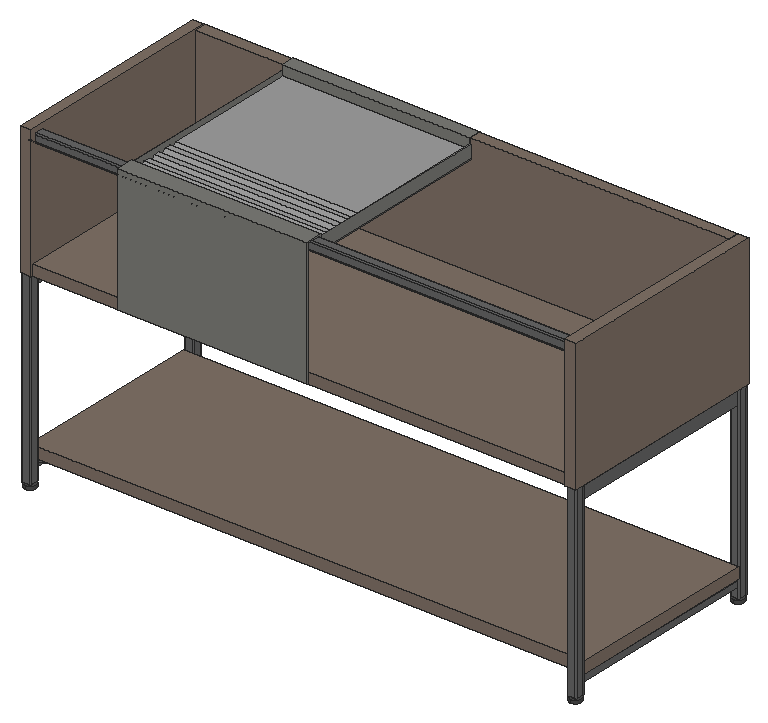
Revit family "Storage-Teknion-LWBCT_Byward_Low_Cabinet_Top_Access-R2019", category Furniture, Revit 2019
Family settings
  OmniClass Number = 23.40.20.00
  OmniClass Title = General Furniture and Specialties
  Work Plane-Based = No
  Always vertical = Yes
  Cut with Voids When Loaded = No
  Shared = Yes
  Room Calculation Point = No
Parameters (values of type "21" Height, 14" Depth, 36" Width")
  Width = 36.000"
  Warranty = "http://www.teknion.com/ca/papers/legal-canada"
  Unit Weight URL = "http://www.teknion.com/ca/tools/assets#&asset=bee6a381-b954-425e-8283-5a2de3a804f2,f828d448-4b62-4231-9e5f-9a8991c0ed77"
  URL = "www.teknion.com"
  To render please download texture images found here [instance] = "https://assets.teknion.com/web/5e81352c1dfdb467/revit-material-swatches/"
  Sustainability Data = "https://www.teknion.com/ca/tools/assets#&topic=216f99a5-57a0-44fc-b10a-9dee9b29ae4c&asset=444deb64-fe58-4b68-981e-f75e97781df7,b4ff2d81-9f2e-437d-9659-7cffb09c31cf"
  Series = "Byward"  # constant formula
  Product Page URL = "https://www.teknion.com/ca/products/product-details?productLineId=87d0476f-8e7a-673b-a6c8-ff05004460c4"
  Product Line = "Byward"  # constant formula
  Product Documentation Link = "https://assets.teknion.com/m/d3f7903c0f9c31f/original/Byward-Reference-Guide.pdf"
  Part Number = "LWBCT"  # constant formula
  Model = "LWBCT211436"
  Manufacturer Phone = "416-661-3370"  # constant formula
  Manufacturer Fax = "416.661.4586"  # constant formula
  Manufacturer Contact Information = "http://www.teknion.com/ca/contactus"
  Manufacturer Address = "1150 Flint Road, Toronto, ON. M3J 2J5. Canada"  # constant formula
  Manufacturer = "Teknion"  # constant formula
  How To Use Teknion Materials User Guide [instance] = "https://assets.teknion.com/m/205dd0a49fa58060/original/How-to-add-a-Material-Library-and-Texture-Images-to-your-Revit-project.pdf"
  For Additional Finishes please visit [instance] = "https://assets.teknion.com/m/44a8009b046e5d47/original/Teknion_Materials_Library.zip"
  Description = "Byward Low Cabinet, Top Access, 21\" Height, 14\" Depth, 36\" Width"
  Case Finish [instance] = Veneer-Teknion-5U-Flintwood-Raw_Umber (Long Grain)
  Assembly Code = "E2020200"
  Accent Tray Paint Finish [instance] = Paint - Teknion - Mica - Anthracite
  Accent Tray Offset Restrictions [instance] = if(Width = 36.000", "0.7\" to 23\"", "0.7\" to 29\"")  # "0.7\" to 23\""
  Accent Tray Offset [instance] = 6.41019"
Types (3): name | Width | Model | Description | Accent Tray Offset Restrictions
  (no name) | 36.000" | "LWBCT211436" | "Byward Low Cabinet, Top Access, 21\" Height, 14\" Depth, 36\" Width" | "0.7\" to 23\""
  21" Height, 14" Depth, 36" Width | 36.000" | "LWBCT211436" | "Byward Low Cabinet, Top Access, 21\" Height, 14\" Depth, 36\" Width" | "0.7\" to 23\""
  21" Height, 14" Depth, 42" Width | 42.000" | "LWBCT211442" | "Byward Low Cabinet, Top Access, 21\" Height, 14\" Depth, 42\" Width" | "0.7\" to 29\""
Reference planes (in)
  plane 1 "Center Front/Back": y = 0
  plane 2: z = 0
  plane 3 "Center Left/Right": x = 0
  plane 4 "Left": x = -18
  plane 5 "Right": x = 18
  plane 6 "Back": y = 7
  plane 7 "Front": y = -7
  plane 8 "Top": z = 63
  plane 9: x = -11.58981
Forms (in)
  Sweep 1, solid, material "Paint-Teknion-23-Z-Foundation-Foundry Onyx"
    path origin (0, 0, 0) x (1, 0, 0) y (0, 0, 1)
      loop
        line (0, 0.325) -> (0, 12.5)
    profile origin (0, 0, 6.4125) x (-1, 0, 0) y (0, -1, 0)
      loop
        line (17.46108, -6.922) -> (17.90608, -6.922)
        arc (17.90608, -6.922) -> (17.96972, -6.89564) -> (17.99608, -6.832) r 0.09
        line (17.99608, -6.832) -> (17.99608, -6.387)
        arc (17.99608, -6.387) -> (17.96972, -6.32336) -> (17.90608, -6.297) r 0.09
        line (17.90608, -6.297) -> (17.46108, -6.297)
        arc (17.46108, -6.297) -> (17.39744, -6.32336) -> (17.37108, -6.387) r 0.09
        line (17.37108, -6.387) -> (17.37108, -6.832)
        arc (17.37108, -6.832) -> (17.39744, -6.89564) -> (17.46108, -6.922) r 0.09
      loop
        arc (-17.46108, -6.922) -> (-17.39744, -6.89564) -> (-17.37108, -6.832) r 0.09
        line (-17.37108, -6.832) -> (-17.37108, -6.387)
        arc (-17.37108, -6.387) -> (-17.39744, -6.32336) -> (-17.46108, -6.297) r 0.09
        line (-17.46108, -6.297) -> (-17.90608, -6.297)
        arc (-17.90608, -6.297) -> (-17.96972, -6.32336) -> (-17.99608, -6.387) r 0.09
        line (-17.99608, -6.387) -> (-17.99608, -6.832)
        arc (-17.99608, -6.832) -> (-17.96972, -6.89564) -> (-17.90608, -6.922) r 0.09
        line (-17.90608, -6.922) -> (-17.46108, -6.922)
      loop
        arc (17.46108, 6.922) -> (17.39744, 6.89564) -> (17.37108, 6.832) r 0.09
        line (17.37108, 6.832) -> (17.37108, 6.387)
        arc (17.37108, 6.387) -> (17.39744, 6.32336) -> (17.46108, 6.297) r 0.09
        line (17.46108, 6.297) -> (17.90608, 6.297)
        arc (17.90608, 6.297) -> (17.96972, 6.32336) -> (17.99608, 6.387) r 0.09
        line (17.99608, 6.387) -> (17.99608, 6.832)
        arc (17.99608, 6.832) -> (17.96972, 6.89564) -> (17.90608, 6.922) r 0.09
        line (17.90608, 6.922) -> (17.46108, 6.922)
      loop
        line (-17.46108, 6.922) -> (-17.90608, 6.922)
        arc (-17.90608, 6.922) -> (-17.96972, 6.89564) -> (-17.99608, 6.832) r 0.09
        line (-17.99608, 6.832) -> (-17.99608, 6.387)
        arc (-17.99608, 6.387) -> (-17.96972, 6.32336) -> (-17.90608, 6.297) r 0.09
        line (-17.90608, 6.297) -> (-17.46108, 6.297)
        arc (-17.46108, 6.297) -> (-17.39744, 6.32336) -> (-17.37108, 6.387) r 0.09
        line (-17.37108, 6.387) -> (-17.37108, 6.832)
        arc (-17.37108, 6.832) -> (-17.39744, 6.89564) -> (-17.46108, 6.922) r 0.09
  Sweep 2, solid, material "Paint-Teknion-23-Z-Foundation-Foundry Onyx"
    path origin (0, 0, 0) x (1, 0, 0) y (0, 1, 0)
      loop
        line (0, 6.297) -> (0, -6.297)
    profile origin (0, 0, 0) x (1, 0, 0) y (0, 0, 1)
      loop
        line (-17.80808, 1.266) -> (-17.80808, 0.875) -> (-17.67408, 0.875) -> (-17.67408, 1.266)
        arc (-17.67408, 1.266) -> (-17.64479, 1.33671) -> (-17.57408, 1.366) r 0.1
        line (-17.57408, 1.366) -> (-15.30808, 1.366) -> (-15.30808, 1.5) -> (-17.57408, 1.5)
        arc (-17.57408, 1.5) -> (-17.73954, 1.43146) -> (-17.80808, 1.266) r 0.234
      loop
        arc (17.80808, 1.266) -> (17.73954, 1.43146) -> (17.57408, 1.5) r 0.234
        line (17.57408, 1.5) -> (15.30808, 1.5) -> (15.30808, 1.366) -> (17.57408, 1.366)
        arc (17.57408, 1.366) -> (17.64479, 1.33671) -> (17.67408, 1.266) r 0.1
        line (17.67408, 1.266) -> (17.67408, 0.875) -> (17.80808, 0.875) -> (17.80808, 1.266)
      loop
        line (-17.80808, 12.266) -> (-17.80808, 11.5) -> (-17.67408, 11.5) -> (-17.67408, 12.266)
        arc (-17.67408, 12.266) -> (-17.64479, 12.33671) -> (-17.57408, 12.366) r 0.1
        line (-17.57408, 12.366) -> (-15.30808, 12.366) -> (-15.30808, 12.5) -> (-17.57408, 12.5)
        arc (-17.57408, 12.5) -> (-17.73954, 12.43146) -> (-17.80808, 12.266) r 0.234
      loop
        arc (17.80808, 12.266) -> (17.73954, 12.43146) -> (17.57408, 12.5) r 0.234
        line (17.57408, 12.5) -> (15.30808, 12.5) -> (15.30808, 12.366) -> (17.57408, 12.366)
        arc (17.57408, 12.366) -> (17.64479, 12.33671) -> (17.67408, 12.266) r 0.1
        line (17.67408, 12.266) -> (17.67408, 11.5) -> (17.80808, 11.5) -> (17.80808, 12.266)
  Sweep 3, solid, material "Paint-Teknion-23-Z-Foundation-Foundry Onyx"
    path origin (0, 0, 0) x (1, 0, 0) y (0, 1, 0)
      loop
        line (0, -4.75) -> (0, -4.616)
    profile origin (0, -4.683, 0) x (-1, 0, 0) y (0, 0, 1)
      loop
        line (17.48608, 11.616) -> (17.67408, 11.616) -> (17.67408, 12.178) -> (17.48608, 12.366) -> (15.67408, 12.366) -> (15.67408, 12.178) -> (17.48608, 11.616)
      loop
        line (-17.48608, 11.616) -> (-15.67408, 12.178) -> (-15.67408, 12.366) -> (-17.48608, 12.366) -> (-17.67408, 12.178) -> (-17.67408, 11.616) -> (-17.48608, 11.616)
  Sweep 4, solid, material "Paint-Teknion-23-Z-Foundation-Foundry Onyx"
    path origin (0, 0, 0) x (1, 0, 0) y (0, 1, 0)
      loop
        line (0, 4.594) -> (0, 4.728)
    profile origin (0, 4.661, 0) x (-1, 0, 0) y (0, 0, 1)
      loop
        line (17.48608, 11.616) -> (17.67408, 11.616) -> (17.67408, 12.178) -> (17.48608, 12.366) -> (15.67408, 12.366) -> (15.67408, 12.178) -> (17.48608, 11.616)
      loop
        line (-17.48608, 11.616) -> (-15.67408, 12.178) -> (-15.67408, 12.366) -> (-17.48608, 12.366) -> (-17.67408, 12.178) -> (-17.67408, 11.616) -> (-17.48608, 11.616)
  Sweep 5, solid, material "Veneer-Teknion-5U-Flintwood-Raw_Umber (Long Grain)" <- "Case Finish"
    path origin (0, 0, 0) x (1, 0, 0) y (0, 1, 0)
      loop
        line (-18, 0) -> (18, 0)
    profile origin (0, 0, 0) x (0, 1, 0) y (0, 0, 1)
      loop
        line (6.23228, 1.5) -> (6.23228, 2.20079) -> (-6.23228, 2.20079) -> (-6.23228, 1.5) -> (6.23228, 1.5)
  Sweep 6, solid, material "Veneer-Teknion-5U-Flintwood-Raw_Umber (Long Grain)" <- "Case Finish"
    path origin (0, 0, 0) x (1, 0, 0) y (0, 1, 0)
      loop
        line (0, 7) -> (0, -7)
    profile origin (0, 0, 0) x (1, 0, 0) y (0, 0, 1)
      loop
        line (-18, 21) -> (-18, 12.5) -> (-17.29921, 12.5) -> (-17.29921, 21) -> (-18, 21)
      loop
        line (18, 21) -> (17.29921, 21) -> (17.29921, 12.5) -> (18, 12.5) -> (18, 21)
  Sweep 7, solid, material "Veneer-Teknion-5U-Flintwood-Raw_Umber (Long Grain)" <- "Case Finish"
    path origin (0, 0, 0) x (1, 0, 0) y (0, 1, 0)
      loop
        line (-17.29921, 0) -> (17.29921, 0)
    profile origin (0, 0, 0) x (0, 1, 0) y (0, 0, 1)
      loop
        line (6.29921, 12.5) -> (7, 12.5) -> (7, 21) -> (6.29921, 21) -> (6.29921, 12.5)
  Sweep 8, solid, material "Veneer-Teknion-5U-Flintwood-Raw_Umber (Long Grain)" <- "Case Finish"
    path origin (0, 0, 0) x (1, 0, 0) y (0, 1, 0)
      loop
        line (-17.29921, 0) -> (17.29921, 0)
    profile origin (0, 0, 0) x (0, 1, 0) y (0, 0, 1)
      loop
        line (-6.94094, 13.20079) -> (-6.94094, 12.5) -> (6.29921, 12.5) -> (6.29921, 13.20079) -> (-6.94094, 13.20079)
  Sweep 9, solid, material "Paint-Teknion-23-Z-Foundation-Foundry Onyx"
    path origin (0, 0, 0) x (1, 0, 0) y (0, 1, 0)
      loop
        line (-17.71654, 0) -> (17.72047, 0)
    profile origin (0.00197, 0, 0) x (0, 1, 0) y (0, 0, 1)
      loop
        arc (-6.19488, 20.10472) -> (-6.13124, 20.13108) -> (-6.10488, 20.19472) r 0.09
        line (-6.10488, 20.19472) -> (-6.10488, 20.63972)
        arc (-6.10488, 20.63972) -> (-6.13124, 20.70336) -> (-6.19488, 20.72972) r 0.09
        line (-6.19488, 20.72972) -> (-6.63988, 20.72972)
        arc (-6.63988, 20.72972) -> (-6.70352, 20.70336) -> (-6.72988, 20.63972) r 0.09
        line (-6.72988, 20.63972) -> (-6.72988, 20.19472)
        arc (-6.72988, 20.19472) -> (-6.70352, 20.13108) -> (-6.63988, 20.10472) r 0.09
        line (-6.63988, 20.10472) -> (-6.19488, 20.10472)
  Sweep 10, solid, material "Paint - Teknion - Mica - Anthracite" <- "Accent Tray Paint Finish"
    path origin (0, 0, 0) x (1, 0, 0) y (0, 1, 0)
      loop
        line (-11.58981, 0) -> (0.66219, 0)
    profile origin (-5.46381, 0, 0) x (0, 1, 0) y (0, 0, 1)
      loop
        line (-7.09982, 20.80529) -> (-7.09982, 12.60217) -> (-7.05182, 12.60217) -> (-7.05182, 20.75729) -> (-6.02282, 20.75729) -> (-6.02282, 19.70929) -> (-5.20982, 19.70929) -> (-5.20982, 19.75729) -> (-5.97482, 19.75729) -> (-5.97482, 20.80529) -> (-7.09982, 20.80529)
  Sweep 11, solid, material "Paint - Teknion - Mica - Anthracite" <- "Accent Tray Paint Finish"
    path origin (0, 0, 0) x (1, 0, 0) y (0, 1, 0)
      loop
        line (0, 6.15018) -> (0, -5.94382)
    profile origin (0, 0.10318, 0) x (1, 0, 0) y (0, 0, 1)
      loop
        line (-11.54181, 20.69529) -> (-11.58981, 20.69529) -> (-11.58981, 19.83629)
        arc (-11.58981, 19.83629) -> (-11.56667, 19.78043) -> (-11.51081, 19.75729) r 0.079
        line (-11.51081, 19.75729) -> (0.58319, 19.75729)
        arc (0.58319, 19.75729) -> (0.63905, 19.78043) -> (0.66219, 19.83629) r 0.079
        line (0.66219, 19.83629) -> (0.66219, 20.69529) -> (0.61419, 20.69529) -> (0.61419, 19.83629)
        arc (0.61419, 19.83629) -> (0.60511, 19.81437) -> (0.58319, 19.80529) r 0.031
        line (0.58319, 19.80529) -> (-11.51081, 19.80529)
        arc (-11.51081, 19.80529) -> (-11.53273, 19.81437) -> (-11.54181, 19.83629) r 0.031
        line (-11.54181, 19.83629) -> (-11.54181, 20.69529)
  Sweep 12, solid, material "Paint - Teknion - Mica - Anthracite" <- "Accent Tray Paint Finish"
    path origin (0, 0, 0) x (1, 0, 0) y (0, 1, 0)
      loop
        line (-11.51081, 0) -> (0.58319, 0)
    profile origin (-5.46381, 0, 0) x (0, 1, 0) y (0, 0, 1)
      loop
        line (6.99418, 21.05529) -> (6.18118, 21.05529) -> (6.18118, 19.80529) -> (-5.94382, 19.80529) -> (-5.94382, 19.75729) -> (6.22918, 19.75729) -> (6.22918, 21.00729) -> (6.99418, 21.00729) -> (6.99418, 21.05529)
  Sweep 13, solid, material "Fabric - Teknion - R5 - Smooth Felt - Pewter"
    path origin (0, 0, 0) x (1, 0, 0) y (0, 1, 0)
      loop
        line (-11.51081, 0) -> (0.58319, 0)
    profile origin (-5.46381, 0, 0) x (0, 1, 0) y (0, 0, 1)
      loop
        line (-2.53945, 20.40038) -> (-2.78558, 20.15426) -> (-3.03171, 20.40038) -> (-3.39485, 20.40038) -> (-3.64098, 20.15425) -> (-3.8871, 20.40038) -> (-4.25025, 20.40038) -> (-4.49638, 20.15425) -> (-4.7425, 20.40038) -> (-5.10565, 20.40038) -> (-5.35178, 20.15425) -> (-5.5979, 20.40038) -> (-5.95638, 20.40038) -> (-5.95638, 19.90825) -> (6.13762, 19.90825) -> (6.13762, 20.40038) -> (-2.53945, 20.40038)
  Sweep 14, void
    path origin (0, 0, 0) x (1, 0, 0) y (0, 0, 1)
      loop
        line (0, 0) -> (0, 13.20079)
    profile origin (0, 0, 6.60039) x (-1, 0, 0) y (0, -1, 0)
      loop
        line (19.08195, -7) -> (14, -4.8333) -> (14, -7) -> (19.08195, -7)
      loop
        line (14, 4.8333) -> (19.08195, 7) -> (14, 7) -> (14, 4.8333)
      loop
        line (-13.25, -4.51353) -> (-19.08195, -7) -> (-13.25, -7) -> (-13.25, -4.51353)
      loop
        line (-19.08195, 7) -> (-13.25, 4.51353) -> (-13.25, 7) -> (-19.08195, 7)
  Sweep 15, solid, material "Plastic - Teknion - E - Ebony"
    path origin (0, 0, 0) x (1, 0, 0) y (0, 0, 1)
      loop
        line (0, 0.163) -> (0, 0.325)
    profile origin (0, 0, 0.244) x (-1, 0, 0) y (0, -1, 0)
      loop
        circle (17.68046, -6.6065) r 0.125
      loop
        circle (17.68046, 6.6065) r 0.125
      loop
        circle (-17.68046, -6.6065) r 0.125
      loop
        circle (-17.68046, 6.6065) r 0.125
  Sweep 16, solid, material "Plastic - Teknion - E - Ebony"
    path origin (0, 0, 0) x (1, 0, 0) y (0, 0, 1)
      loop
        line (0, 0.163) -> (0, 0)
    profile origin (0, 0, 0.0815) x (0, -1, 0) y (1, 0, 0)
      loop
        circle (-6.6065, -17.68046) r 0.37455
      loop
        circle (6.6065, -17.68046) r 0.37455
      loop
        circle (-6.6065, 17.68046) r 0.37455
      loop
        circle (6.6065, 17.68046) r 0.37455
Cuts and joins
  joined: Sweep 11, Sweep 12
  Sweep 14 cuts Sweep 2
Lines and regions (in)
  Masking region 1
    outline origin (0, 0, 0) x (1, 0, 0) y (0, 1, 0)
      loop
        line (-17.29921, -7) -> (-17.29921, 7) -> (-18, 7) -> (-18, -7) -> (-17.29921, -7)
      loop
        line (17.29921, 7) -> (17.29921, -7) -> (18, -7) -> (18, 7) -> (17.29921, 7)
  Masking region 2
    outline origin (0, 0, 0) x (1, 0, 0) y (0, 1, 0)
      loop
        line (17.29921, 7) -> (-17.29921, 7) -> (-17.29921, -6.10457) -> (17.29921, -6.10457) -> (17.29921, 7)
      loop
        line (-17.29921, -6.72988) -> (-17.29921, -6.94094) -> (17.29921, -6.94094) -> (17.29921, -6.72988) -> (-17.29921, -6.72988)
  Masking region 3
    outline origin (0, 0, 0) x (1, 0, 0) y (0, 1, 0)
      loop
        line (-11.58981, -5.97482) -> (-11.58981, -7.09982) -> (0.66219, -7.09982) -> (0.66219, -5.97482) -> (-11.58981, -5.97482)
      loop
        line (-11.51081, -5.95638) -> (0.58319, -5.95638) -> (0.58319, -5.5979) -> (-11.51081, -5.5979) -> (-11.51081, -5.95638)
      loop
        line (0.58319, -5.35178) -> (0.58319, -5.10565) -> (-11.51081, -5.10565) -> (-11.51081, -5.35178) -> (0.58319, -5.35178)
      loop
        line (-11.51081, -4.7425) -> (0.58319, -4.7425) -> (0.58319, -4.49638) -> (-11.51081, -4.49638) -> (-11.51081, -4.7425)
      loop
        line (0.58319, -4.25025) -> (0.58319, -3.8871) -> (-11.51081, -3.8871) -> (-11.51081, -4.25025) -> (0.58319, -4.25025)
      loop
        line (-11.51081, -3.64098) -> (0.58319, -3.64098) -> (0.58319, -3.39485) -> (-11.51081, -3.39485) -> (-11.51081, -3.64098)
      loop
        line (0.58319, -3.03171) -> (0.58319, -2.78558) -> (-11.51081, -2.78558) -> (-11.51081, -3.03171) -> (0.58319, -3.03171)
      loop
        line (-11.51081, -2.53945) -> (0.58319, -2.53945) -> (0.58319, 6.13762) -> (-11.51081, 6.13762) -> (-11.51081, -2.53945)
  Masking region 4
    outline origin (0, 0, 0) x (1, 0, 0) y (0, 1, 0)
      loop
        line (-11.51081, 6.99418) -> (-11.51081, 6.13762) -> (0.58319, 6.13762) -> (0.58319, 6.99418) -> (-11.51081, 6.99418)
      loop
        line (-11.51081, -2.53945) -> (-11.51081, -2.78558) -> (0.58319, -2.78558) -> (0.58319, -2.53945) -> (-11.51081, -2.53945)
      loop
        line (0.58319, -3.03171) -> (-11.51081, -3.03171) -> (-11.51081, -3.39485) -> (0.58319, -3.39485) -> (0.58319, -3.03171)
      loop
        line (-11.51081, -3.64098) -> (-11.51081, -3.8871) -> (0.58319, -3.8871) -> (0.58319, -3.64098) -> (-11.51081, -3.64098)
      loop
        line (0.58319, -4.25025) -> (-11.51081, -4.25025) -> (-11.51081, -4.49638) -> (0.58319, -4.49638) -> (0.58319, -4.25025)
      loop
        line (-11.51081, -4.7425) -> (-11.51081, -5.10565) -> (0.58319, -5.10565) -> (0.58319, -4.7425) -> (-11.51081, -4.7425)
      loop
        line (0.58319, -5.35178) -> (-11.51081, -5.35178) -> (-11.51081, -5.5979) -> (0.58319, -5.5979) -> (0.58319, -5.35178)
  Masking region 5
    outline origin (0, 0, 0) x (1, 0, 0) y (0, 1, 0)
      loop
        line (-11.58981, 6.15018) -> (-11.58981, -5.94382) -> (-11.54181, -5.94382) -> (-11.54181, 6.15018) -> (-11.58981, 6.15018)
      loop
        line (0.61419, 6.15018) -> (0.61419, -5.94382) -> (0.66219, -5.94382) -> (0.66219, 6.15018) -> (0.61419, 6.15018)
  Masking region 6
    outline origin (0, 0, 0) x (1, 0, 0) y (0, 1, 0)
      loop
        line (0.66219, -5.97482) -> (0.66219, -5.94382) -> (0.61419, -5.94382) -> (0.61419, 6.15018) -> (0.58319, 6.15018) -> (0.58319, -5.95638) -> (-11.51081, -5.95638) -> (-11.51081, 6.15018) -> (-11.54181, 6.15018) -> (-11.54181, -5.94382) -> (-11.58981, -5.94382) -> (-11.58981, -5.97482) -> (0.66219, -5.97482)
  Masking region 7
    outline origin (0, 0, 0) x (1, 0, 0) y (0, 1, 0)
      loop
        line (-17.29921, -6.10457) -> (-17.29921, -6.72988) -> (17.29921, -6.72988) -> (17.29921, -6.10457) -> (-17.29921, -6.10457)
  symbolic lines
    curve 1: line (-17.29921, 6.29921, 0) -> (17.29921, 6.29921, 0)
  symbolic lines, style "FurnitureHiddenLines", detail levels medium+fine
    curve 2: line (-17.29921, -6.94094, 0) -> (17.29921, -6.94094, 0)
    curve 3: line (-17.29921, -6.72988, 0) -> (17.29921, -6.72988, 0)
    curve 4: line (0.66219, -7.05182, 0) -> (-11.58981, -7.05182, 0)
    curve 5: line (17.29921, -6.10457, 0) -> (-17.29921, -6.10457, 0)
    curve 6: line (-18, -6.23228, 0) -> (18, -6.23228, 0)
    curve 7: line (18, 6.23228, 0) -> (-18, 6.23228, 0)
    curve 8: line (-17.43933, 6.29967, 0) -> (-15.30808, 5.391, 0)
    curve 9: line (-15.30808, -5.391, 0) -> (-15.30808, 5.391, 0)
    curve 10: line (-15.30808, -5.391, 0) -> (-17.43933, -6.29967, 0)
    curve 11: line (15.30808, 5.391, 0) -> (17.43933, 6.29967, 0)
    curve 12: line (15.30808, 5.391, 0) -> (15.30808, -5.391, 0)
    curve 13: line (17.43933, -6.29967, 0) -> (15.30808, -5.391, 0)
    curve 14: line (-17.37108, -6.832, 0) -> (-17.37108, -6.387, 0)
    curve 15: arc (-17.37108, -6.387, 0) -> (-17.39744, -6.32336, 0) -> (-17.46108, -6.297, 0) r 0.09
    curve 16: line (-17.46108, -6.297, 0) -> (-17.90608, -6.297, 0)
    curve 17: arc (-17.90608, -6.297, 0) -> (-17.96972, -6.32336, 0) -> (-17.99608, -6.387, 0) r 0.09
    curve 18: line (-17.99608, -6.387, 0) -> (-17.99608, -6.832, 0)
    curve 19: arc (-17.99608, -6.832, 0) -> (-17.96972, -6.89564, 0) -> (-17.90608, -6.922, 0) r 0.09
    curve 20: line (-17.90608, -6.922, 0) -> (-17.46108, -6.922, 0)
    curve 21: arc (-17.46108, -6.922, 0) -> (-17.39744, -6.89564, 0) -> (-17.37108, -6.832, 0) r 0.09
    curve 22: line (-17.46108, 6.922, 0) -> (-17.90608, 6.922, 0)
    curve 23: arc (-17.90608, 6.922, 0) -> (-17.96972, 6.89564, 0) -> (-17.99608, 6.832, 0) r 0.09
    curve 24: line (-17.99608, 6.832, 0) -> (-17.99608, 6.387, 0)
    curve 25: arc (-17.99608, 6.387, 0) -> (-17.96972, 6.32336, 0) -> (-17.90608, 6.297, 0) r 0.09
    curve 26: line (-17.90608, 6.297, 0) -> (-17.46108, 6.297, 0)
    curve 27: arc (-17.46108, 6.297, 0) -> (-17.39744, 6.32336, 0) -> (-17.37108, 6.387, 0) r 0.09
    curve 28: line (-17.37108, 6.387, 0) -> (-17.37108, 6.832, 0)
    curve 29: arc (-17.37108, 6.832, 0) -> (-17.39744, 6.89564, 0) -> (-17.46108, 6.922, 0) r 0.09
    curve 30: line (17.37108, 6.832, 0) -> (17.37108, 6.387, 0)
    curve 31: arc (17.37108, 6.387, 0) -> (17.39744, 6.32336, 0) -> (17.46108, 6.297, 0) r 0.09
    curve 32: line (17.46108, 6.297, 0) -> (17.90608, 6.297, 0)
    curve 33: arc (17.90608, 6.297, 0) -> (17.96972, 6.32336, 0) -> (17.99608, 6.387, 0) r 0.09
    curve 34: line (17.99608, 6.387, 0) -> (17.99608, 6.832, 0)
    curve 35: arc (17.99608, 6.832, 0) -> (17.96972, 6.89564, 0) -> (17.90608, 6.922, 0) r 0.09
    curve 36: line (17.90608, 6.922, 0) -> (17.46108, 6.922, 0)
    curve 37: arc (17.46108, 6.922, 0) -> (17.39744, 6.89564, 0) -> (17.37108, 6.832, 0) r 0.09
    curve 38: line (17.37108, -6.387, 0) -> (17.37108, -6.832, 0)
    curve 39: arc (17.37108, -6.832, 0) -> (17.39744, -6.89564, 0) -> (17.46108, -6.922, 0) r 0.09
    curve 40: line (17.46108, -6.922, 0) -> (17.90608, -6.922, 0)
    curve 41: arc (17.90608, -6.922, 0) -> (17.96972, -6.89564, 0) -> (17.99608, -6.832, 0) r 0.09
    curve 42: line (17.99608, -6.832, 0) -> (17.99608, -6.387, 0)
    curve 43: arc (17.99608, -6.387, 0) -> (17.96972, -6.32336, 0) -> (17.90608, -6.297, 0) r 0.09
    curve 44: line (17.90608, -6.297, 0) -> (17.46108, -6.297, 0)
    curve 45: arc (17.46108, -6.297, 0) -> (17.39744, -6.32336, 0) -> (17.37108, -6.387, 0) r 0.09
    curve 46: line (17.80808, -6.297, 0) -> (17.80808, 6.297, 0)
    curve 47: line (-17.80808, 6.297, 0) -> (-17.80808, -6.297, 0)
  symbolic lines, style "FurnitureHiddenLines", detail levels fine
    curve 48: line (17.67408, 6.297, 0) -> (17.67408, -6.297, 0)
    curve 49: line (17.48608, 4.728, 0) -> (15.67408, 4.728, 0)
    curve 50: line (15.67408, 4.728, 0) -> (15.67408, 4.594, 0)
    curve 51: line (15.67408, 4.594, 0) -> (17.48608, 4.594, 0)
    curve 52: line (17.48608, 4.594, 0) -> (17.48608, 4.728, 0)
    curve 53: line (17.48608, -4.616, 0) -> (15.67408, -4.616, 0)
    curve 54: line (15.67408, -4.616, 0) -> (15.67408, -4.75, 0)
    curve 55: line (15.67408, -4.75, 0) -> (17.48608, -4.75, 0)
    curve 56: line (17.48608, -4.75, 0) -> (17.48608, -4.616, 0)
    curve 57: line (-17.48608, -4.75, 0) -> (-15.67408, -4.75, 0)
    curve 58: line (-15.67408, -4.75, 0) -> (-15.67408, -4.616, 0)
    curve 59: line (-15.67408, -4.616, 0) -> (-17.48608, -4.616, 0)
    curve 60: line (-17.48608, -4.616, 0) -> (-17.48608, -4.75, 0)
    curve 61: line (-17.48608, 4.594, 0) -> (-15.67408, 4.594, 0)
    curve 62: line (-15.67408, 4.594, 0) -> (-15.67408, 4.728, 0)
    curve 63: line (-15.67408, 4.728, 0) -> (-17.48608, 4.728, 0)
    curve 64: line (-17.48608, 4.728, 0) -> (-17.48608, 4.594, 0)
    curve 65: arc (-17.68046, 6.98105, 0) -> (-18.05501, 6.6065, 0) -> (-17.68046, 6.23195, 0) r 0.37455
    curve 66: arc (-17.68046, 6.23195, 0) -> (-17.30591, 6.6065, 0) -> (-17.68046, 6.98105, 0) r 0.37455
    curve 67: arc (-17.68046, -6.23195, 0) -> (-18.05501, -6.6065, 0) -> (-17.68046, -6.98105, 0) r 0.37455
    curve 68: arc (-17.68046, -6.98105, 0) -> (-17.30591, -6.6065, 0) -> (-17.68046, -6.23195, 0) r 0.37455
    curve 69: arc (17.68046, -6.23195, 0) -> (17.30591, -6.6065, 0) -> (17.68046, -6.98105, 0) r 0.37455
    curve 70: arc (17.68046, -6.98105, 0) -> (18.05501, -6.6065, 0) -> (17.68046, -6.23195, 0) r 0.37455
    curve 71: arc (17.68046, 6.98105, 0) -> (17.30591, 6.6065, 0) -> (17.68046, 6.23195, 0) r 0.37455
    curve 72: arc (17.68046, 6.23195, 0) -> (18.05501, 6.6065, 0) -> (17.68046, 6.98105, 0) r 0.37455
    curve 73: arc (-17.80546, -6.6065, 0) -> (-17.68046, -6.7315, 0) -> (-17.55546, -6.6065, 0) r 0.125
    curve 74: arc (-17.55546, -6.6065, 0) -> (-17.68046, -6.4815, 0) -> (-17.80546, -6.6065, 0) r 0.125
    curve 75: arc (-17.80546, 6.6065, 0) -> (-17.68046, 6.7315, 0) -> (-17.55546, 6.6065, 0) r 0.125
    curve 76: arc (-17.55546, 6.6065, 0) -> (-17.68046, 6.4815, 0) -> (-17.80546, 6.6065, 0) r 0.125
    curve 77: arc (17.55546, 6.6065, 0) -> (17.68046, 6.4815, 0) -> (17.80546, 6.6065, 0) r 0.125
    curve 78: arc (17.80546, 6.6065, 0) -> (17.68046, 6.7315, 0) -> (17.55546, 6.6065, 0) r 0.125
    curve 79: arc (17.80546, -6.6065, 0) -> (17.68046, -6.4815, 0) -> (17.55546, -6.6065, 0) r 0.125
    curve 80: arc (17.55546, -6.6065, 0) -> (17.68046, -6.7315, 0) -> (17.80546, -6.6065, 0) r 0.125
    curve 81: line (-17.67408, -6.297, 0) -> (-17.67408, 6.297, 0)
  reference lines
    curve 82: line (-18, 7, 0) -> (-18, -7, 0)
    curve 83: line (18, 7, 0) -> (18, -7, 0)
Dimensions and locks (in)
  "Width": plane 4 "Left" to plane 5 "Right"
  plane 6 "Back" to plane 7 "Front" = 14.000"
  plane 8 "Top" to level = 63.000"
  equal spacing: plane 6 "Back", plane 1 "Center Front/Back", plane 7 "Front"
  equal spacing: plane 4 "Left", plane 3 "Center Left/Right", plane 5 "Right"
  Sweep 1 sketch curve to Sweep 1 sketch curve to level = 12.175" locked, 0.325" locked
  plane 4 "Left" to Sweep 1 sketch curve to Sweep 1 sketch curve to Sweep 1 sketch curve to Sweep 1 sketch curve = 0.00392" locked, 0.000" locked, 0.625" locked, 0.000" locked
  Sweep 1 sketch curve to Sweep 1 sketch curve to Sweep 1 sketch curve to Sweep 1 sketch curve to plane 5 "Right" = 0.000" locked, 0.625" locked, 0.000" locked, 0.00392" locked
  plane 6 "Back" to Sweep 1 sketch curve to Sweep 1 sketch curve to Sweep 1 sketch curve to Sweep 1 sketch curve = 0.078" locked, 0.000" locked, 0.625" locked, 0.000" locked
  plane 7 "Front" to Sweep 1 sketch curve to Sweep 1 sketch curve to Sweep 1 sketch curve to Sweep 1 sketch curve = 0.078" locked, 0.000" locked, 0.625" locked, 0.000" locked
  Sweep 2 sketch curve to plane 1 "Center Front/Back" to Sweep 2 sketch curve = 6.297" locked, 6.297" locked
  Sweep 2 sketch curve to Sweep 2 sketch curve to Sweep 2 sketch curve to Sweep 2 sketch curve to Sweep 2 sketch curve to plane 4 "Left" = 2.266" locked, 0.000" locked, 0.100" locked, 0.134" locked, 0.19192" locked  (x2)
  Sweep 2 sketch curve to Sweep 2 sketch curve to Sweep 2 sketch curve to Sweep 2 sketch curve to Sweep 2 sketch curve to plane 5 "Right" = 2.266" locked, 0.000" locked, 0.100" locked, 0.134" locked, 0.19192" locked  (x2)
  Sweep 2 sketch curve to Sweep 2 sketch curve to Sweep 2 sketch curve to Sweep 2 sketch curve to Sweep 2 sketch curve to Sweep 2 sketch curve to Sweep 2 sketch curve to Sweep 2 sketch curve to Sweep 2 sketch curve to Sweep 2 sketch curve to level = 0.000" locked, 0.134" locked, 0.000" locked, 0.100" locked, 0.000" locked, 0.000" locked, 0.000" locked, 0.391" locked, 0.000" locked, 0.875" locked
  Sweep 2 sketch curve to Sweep 2 sketch curve to Sweep 2 sketch curve to Sweep 2 sketch curve to Sweep 2 sketch curve to Sweep 2 sketch curve to Sweep 2 sketch curve to Sweep 2 sketch curve to Sweep 2 sketch curve to Sweep 2 sketch curve to level = 0.000" locked, 0.134" locked, 0.000" locked, 0.100" locked, 0.000" locked, 0.000" locked, 0.000" locked, 0.766" locked, 0.000" locked, 11.500" locked
  plane 7 "Front" to Sweep 3 sketch curve to Sweep 3 sketch curve = 2.250" locked, 0.134" locked
  Sweep 3 sketch curve to Sweep 3 sketch curve to Sweep 3 sketch curve to Sweep 3 sketch curve to level = 0.188" locked, 0.000" locked, 0.562" locked, 11.616" locked  (x2)
  Sweep 3 sketch curve to Sweep 3 sketch curve to Sweep 3 sketch curve to Sweep 3 sketch curve to plane 4 "Left" = 1.812" locked, 0.000" locked, 0.188" locked, 0.32592" locked
  Sweep 3 sketch curve to Sweep 3 sketch curve to Sweep 3 sketch curve to Sweep 3 sketch curve to plane 5 "Right" = 1.812" locked, 0.000" locked, 0.188" locked, 0.32592" locked
  plane 6 "Back" to Sweep 4 sketch curve to Sweep 4 sketch curve = 2.272" locked, 0.134" locked
  plane 4 "Left" to Sweep 3 to Sweep 4 sketch curve to Sweep 4 sketch curve to Sweep 4 sketch curve = 0.32592" locked, 0.188" locked, 0.000" locked, 1.812" locked
  Sweep 4 sketch curve to Sweep 4 sketch curve to Sweep 4 sketch curve to Sweep 4 sketch curve to level = 0.188" locked, 0.000" locked, 0.562" locked, 11.616" locked  (x2)
  plane 5 "Right" to Sweep 4 sketch curve to Sweep 4 sketch curve to Sweep 4 sketch curve = 0.51392" locked, 0.000" locked, 1.812" locked
  Sweep 5 sketch curve to Sweep 5 sketch curve to level = 0.70079" locked, 1.500" locked
  plane 6 "Back" to Sweep 5 sketch curve to Sweep 5 sketch curve = 0.76772" locked, 12.46457" locked
  Sweep 6 sketch curve to plane 4 "Left" to Sweep 6 sketch curve = 0.70079" locked, 0.000" locked
  Sweep 6 sketch curve to Sweep 6 sketch curve to level = 8.500" locked, 12.500" locked  (x2)
  Sweep 6 sketch curve to plane 5 "Right" to Sweep 6 sketch curve = 0.70079" locked, 0.000" locked
  locked: plane 4 "Left" to Sweep 7 sketch curve at 0.70079
  locked: Sweep 7 sketch curve to plane 5 "Right" at 0.70079
  Sweep 7 sketch curve to Sweep 7 sketch curve to level = 8.500" locked, 12.500" locked
  plane 6 "Back" to Sweep 7 sketch curve to Sweep 7 sketch curve = 0.000" locked, 0.70079" locked
  locked: plane 4 "Left" to Sweep 8 sketch curve at 0.70079
  locked: Sweep 8 sketch curve to plane 5 "Right" at 0.70079
  locked: plane 6 "Back" to Sweep 8 sketch curve at 0.70079
  locked: Sweep 8 sketch curve to plane 7 "Front" at 0.05906
  Sweep 8 sketch curve to Sweep 8 sketch curve to level = 0.70079" locked, 12.500" locked
  locked: plane 4 "Left" to Sweep 9 sketch curve at 0.28346
  locked: Sweep 9 sketch curve to plane 5 "Right" at 0.27953
  Sweep 9 sketch curve to Sweep 9 sketch curve to level = 0.625" locked, 20.10472" locked
  Sweep 9 sketch curve to Sweep 9 sketch curve to plane 7 "Front" = 0.625" locked, 0.27012" locked
  "Accent Tray Offset": plane 4 "Left" to plane 9
  plane 9 to Sweep 10 sketch curve to Sweep 10 sketch curve = 0.000" locked, 12.252" locked
  Sweep 10 sketch curve to Sweep 10 sketch curve to Sweep 10 sketch curve to plane 7 "Front" to Sweep 10 sketch curve to Sweep 10 sketch curve = 0.765" locked, 0.048" locked, 0.97718" locked, 0.05182" locked, 0.048" locked
  Sweep 10 sketch curve to Sweep 10 sketch curve to Sweep 10 sketch curve to Sweep 10 sketch curve to Sweep 10 sketch curve to level = 0.048" locked, 1.000" locked, 0.048" locked, 7.10713" locked, 12.60217" locked
  locked: plane 6 "Back" to Sweep 11 sketch curve at 0.84982
  locked: Sweep 8 to Sweep 11 sketch curve at 0.99713
  Sweep 11 sketch curve to Sweep 11 sketch curve to Sweep 11 sketch curve to Sweep 11 sketch curve to Sweep 11 sketch curve to Sweep 11 sketch curve to Sweep 11 sketch curve to plane 9 to Sweep 11 sketch curve = 0.048" locked, 0.031" locked, 0.000" locked, 12.094" locked, 0.000" locked, 0.031" locked, 0.048" locked, 0.000" locked
  Sweep 11 sketch curve to Sweep 11 sketch curve to Sweep 11 sketch curve to Sweep 11 sketch curve to Sweep 11 sketch curve to Sweep 11 sketch curve to Sweep 11 sketch curve to Sweep 11 sketch curve to level = 0.000" locked, 0.859" locked, 0.000" locked, 0.000" locked, 0.000" locked, 0.031" locked, 0.048" locked, 19.75729" locked
  plane 9 to Sweep 12 sketch curve to Sweep 12 sketch curve = 0.079" locked, 12.094" locked
  level to Sweep 12 sketch curve to Sweep 12 sketch curve to Sweep 12 sketch curve to Sweep 12 sketch curve = 19.75729" locked, 0.048" locked, 1.202" locked, 0.048" locked
  locked: Sweep 12 sketch curve to plane 7 "Front" at 1.05618
  plane 6 "Back" to Sweep 12 sketch curve to Sweep 12 sketch curve to Sweep 12 sketch curve = 0.00582" locked, 0.765" locked, 0.048" locked
  plane 9 to Sweep 13 sketch curve to Sweep 13 sketch curve = 0.079" locked, 12.094" locked
  Sweep 13 sketch curve to Sweep 13 sketch curve to Sweep 13 sketch curve to Sweep 13 sketch curve to Sweep 13 sketch curve to Sweep 13 sketch curve to Sweep 13 sketch curve to Sweep 13 sketch curve to Sweep 13 sketch curve to Sweep 13 sketch curve to Sweep 13 sketch curve to Sweep 13 sketch curve to Sweep 13 sketch curve to plane 7 "Front" = 0.24613" locked, 0.24613" locked, 0.36314" locked, 0.24613" locked, 0.24613" locked, 0.36315" locked, 0.24613" locked, 0.24613" locked, 0.36315" locked, 0.24613" locked, 0.24613" locked, 0.35847" locked, 1.04362" locked
  locked: plane 6 "Back" to Sweep 13 sketch curve at 0.86238
  Sweep 13 sketch curve to Sweep 13 sketch curve to Sweep 13 sketch curve to Sweep 13 sketch curve to Sweep 13 sketch curve to Sweep 13 sketch curve to Sweep 13 sketch curve to Sweep 13 sketch curve to Sweep 13 sketch curve to Sweep 13 sketch curve to level = 0.000" locked, 0.000" locked, 0.000" locked, 0.000" locked, 0.24611" locked, 0.00001" locked, 0.000" locked, 0.000" locked, 0.246" locked, 19.90825" locked
  Sweep 14 sketch curve to level to Sweep 14 sketch curve = 13.20079" locked, 0.000" locked
  Sweep 14 sketch curve to Sweep 14 sketch curve to plane 4 "Left" to Sweep 14 sketch curve to Sweep 14 sketch curve = 0.000" locked, 1.08195" locked, 4.000" locked, 0.000" locked
  Sweep 14 sketch curve to Sweep 14 sketch curve to plane 5 "Right" to Sweep 14 sketch curve to Sweep 14 sketch curve = 0.000" locked, 4.750" locked, 1.08195" locked, 0.000" locked
  plane 6 "Back" to Sweep 14 sketch curve to Sweep 14 sketch curve to Sweep 14 sketch curve to Sweep 14 sketch curve = 0.000" locked, 0.000" locked, 2.1667" locked, 0.31976" locked
  plane 7 "Front" to Sweep 14 sketch curve to Sweep 14 sketch curve to Sweep 14 sketch curve to Sweep 14 sketch curve = 0.000" locked, 0.000" locked, 2.1667" locked, 0.31976" locked
  plane 4 "Left" to Masking region 1 sketch curve to Masking region 1 sketch curve = 0.000" locked, 0.70079" locked
  Masking region 1 sketch curve to plane 5 "Right" to Masking region 1 sketch curve = 0.70079" locked, 0.000" locked
  locked: plane 4 "Left" to Masking region 2 sketch curve at 0.70079  (x2)
  locked: plane 7 "Front" to Masking region 2 sketch curve at 0.89543
  locked: Masking region 2 sketch curve to plane 5 "Right" at 0.70079  (x2)
  Masking region 3 sketch curve to plane 7 "Front" to Masking region 3 sketch curve to Masking region 3 sketch curve to Masking region 3 sketch curve to Masking region 3 sketch curve to Masking region 3 sketch curve to Masking region 3 sketch curve to Masking region 3 sketch curve to Masking region 3 sketch curve to Masking region 3 sketch curve to Masking region 3 sketch curve to Masking region 3 sketch curve to Masking region 3 sketch curve to Masking region 3 sketch curve to Masking region 3 sketch curve = 0.09982" locked, 1.02518" locked, 0.01844" locked, 0.35847" locked, 0.24613" locked, 0.24613" locked, 0.36315" locked, 0.24613" locked, 0.24613" locked, 0.36315" locked, 0.24613" locked, 0.24613" locked, 0.36314" locked, 0.24613" locked, 0.24613" locked
  locked: plane 6 "Back" to Masking region 3 sketch curve at 0.86238
  plane 9 to Masking region 3 sketch curve to Masking region 3 sketch curve to Masking region 3 sketch curve to Masking region 3 sketch curve to Masking region 3 sketch curve to Masking region 3 sketch curve to Masking region 3 sketch curve to Masking region 3 sketch curve to Masking region 3 sketch curve to Masking region 3 sketch curve to Masking region 3 sketch curve to Masking region 3 sketch curve to Masking region 3 sketch curve to Masking region 3 sketch curve = 0.079" locked, 0.000" locked, 0.000" locked, 0.000" locked, 0.000" locked, 0.000" locked, 0.000" locked, 12.094" locked, 0.000" locked, 0.000" locked, 0.000" locked, 0.000" locked, 0.000" locked, 0.000" locked
  locked: plane 9 to Masking region 3 sketch curve at 12.252
  plane 6 "Back" to Masking region 4 sketch curve to Masking region 4 sketch curve to Masking region 4 sketch curve to Masking region 4 sketch curve to Masking region 4 sketch curve to Masking region 4 sketch curve to Masking region 4 sketch curve to Masking region 4 sketch curve to Masking region 4 sketch curve to Masking region 4 sketch curve to Masking region 4 sketch curve to Masking region 4 sketch curve to Masking region 4 sketch curve to Masking region 4 sketch curve = 0.00582" locked, 0.85656" locked, 8.67707" locked, 0.24613" locked, 0.24613" locked, 0.36314" locked, 0.24613" locked, 0.24613" locked, 0.36315" locked, 0.24613" locked, 0.24613" locked, 0.36315" locked, 0.24613" locked, 0.24613" locked
  plane 9 to Masking region 4 sketch curve to Masking region 4 sketch curve to Masking region 4 sketch curve to Masking region 4 sketch curve to Masking region 4 sketch curve to Masking region 4 sketch curve to Masking region 4 sketch curve to Masking region 4 sketch curve to Masking region 4 sketch curve to Masking region 4 sketch curve to Masking region 4 sketch curve to Masking region 4 sketch curve to Masking region 4 sketch curve to Masking region 4 sketch curve = 0.079" locked, 0.000" locked, 0.000" locked, 0.000" locked, 0.000" locked, 0.000" locked, 0.000" locked, 12.094" locked, 0.000" locked, 0.000" locked, 0.000" locked, 0.000" locked, 0.000" locked, 0.000" locked
  Masking region 5 sketch curve to plane 9 to Masking region 5 sketch curve to Masking region 5 sketch curve to Masking region 5 sketch curve = 0.000" locked, 0.048" locked, 12.156" locked, 0.048" locked
  plane 6 "Back" to Masking region 5 sketch curve to Masking region 5 sketch curve to Masking region 5 sketch curve to Masking region 5 sketch curve = 0.84982" locked, 0.000" locked, 12.094" locked, 0.000" locked
  plane 9 to Masking region 6 sketch curve to Masking region 6 sketch curve to Masking region 6 sketch curve to Masking region 6 sketch curve to Masking region 6 sketch curve to Masking region 6 sketch curve = 0.000" locked, 0.048" locked, 0.031" locked, 12.094" locked, 0.031" locked, 0.048" locked
  plane 7 "Front" to Masking region 6 sketch curve to Masking region 6 sketch curve to Masking region 6 sketch curve to Masking region 6 sketch curve = 1.02518" locked, 0.01844" locked, 0.01256" locked, 0.000" locked
  plane 6 "Back" to Masking region 6 sketch curve to Masking region 6 sketch curve = 0.84982" locked, 0.000" locked
  plane 7 "Front" to Masking region 2 sketch curve to Masking region 2 sketch curve = 0.05906" locked, 0.21106" locked
  plane 7 "Front" to Masking region 7 sketch curve to Masking region 7 sketch curve = 0.27012" locked, 0.62531" locked
  locked: plane 4 "Left" to Masking region 7 sketch curve at 0.70079
  locked: Masking region 7 sketch curve to plane 5 "Right" at 0.70079
  Sweep 15 sketch curve to Sweep 15 sketch curve to level = 0.162" locked, 0.163" locked
  plane 6 "Back" to Sweep 15 sketch curve to Sweep 15 sketch curve = 0.3935" locked, 0.000" locked
  plane 7 "Front" to Sweep 15 sketch curve to Sweep 15 sketch curve = 0.3935" locked, 0.000" locked
  plane 4 "Left" to Sweep 15 sketch curve to Sweep 15 sketch curve = 0.31954" locked, 0.000" locked
  Sweep 15 sketch curve to Sweep 15 sketch curve to plane 5 "Right" = 0.000" locked, 0.31954" locked
  locked: Sweep 16 sketch curve to level at 0.163
  plane 4 "Left" to Sweep 16 sketch curve to Sweep 16 sketch curve = 0.31954" locked, 0.000" locked
  Sweep 16 sketch curve to Sweep 16 sketch curve to plane 5 "Right" = 0.000" locked, 0.31954" locked
  Sweep 8 to Sweep 16 sketch curve to Sweep 16 sketch curve = 0.33444" locked, 0.000" locked
  plane 6 "Back" to Sweep 16 sketch curve to Sweep 16 sketch curve = 0.3935" locked, 0.000" locked
  plane 9 to Masking region 5 = 12.252"
  plane 4 "Left" to Sweep 6 = 0.70079"
  Masking region 5 to Sweep 6 = 16.63702"
  aligned and locked: level to plane 2
  aligned and locked: plane 3 "Center Left/Right" to Sweep 1 sketch curve
  aligned and locked: Sweep 2 sketch curve to plane 3 "Center Left/Right"
  aligned and locked: plane 3 "Center Left/Right" to Sweep 3 sketch curve
  aligned and locked: plane 3 "Center Left/Right" to Sweep 4 sketch curve
  aligned and locked: plane 5 "Right" to Sweep 5 sketch curve
  aligned and locked: plane 4 "Left" to Sweep 5 sketch curve
  aligned and locked: plane 1 "Center Front/Back" to Sweep 5 sketch curve
  aligned and locked: plane 6 "Back" to Sweep 6 sketch curve
  aligned and locked: plane 7 "Front" to Sweep 6 sketch curve
  aligned and locked: Sweep 6 sketch curve to plane 3 "Center Left/Right"
  aligned and locked: plane 1 "Center Front/Back" to Sweep 7 sketch curve
  aligned and locked: plane 1 "Center Front/Back" to Sweep 8 sketch curve
  aligned and locked: plane 1 "Center Front/Back" to Sweep 9 sketch curve
  aligned and locked: plane 1 "Center Front/Back" to Sweep 10 sketch curve
  aligned and locked: Sweep 11 sketch curve to plane 3 "Center Left/Right"
  aligned and locked: plane 1 "Center Front/Back" to Sweep 12 sketch curve
  aligned and locked: plane 1 "Center Front/Back" to Sweep 13 sketch curve
  aligned and locked: plane 3 "Center Left/Right" to Sweep 14 sketch curve
  aligned and locked: plane 6 "Back" to Masking region 1 sketch curve  (x2)
  aligned and locked: plane 7 "Front" to Masking region 1 sketch curve  (x2)
  aligned and locked: plane 6 "Back" to Masking region 2 sketch curve
  aligned and locked: curve 1 to Sweep 7
  aligned and locked: Masking region 3 sketch curve to plane 9
  aligned and locked: curve 2 to Sweep 8
  aligned and locked: curve 3 to Masking region 7
  aligned and locked: Sweep 10 to curve 4  (x3)
  aligned and locked: curve 5 to Masking region 7
  aligned and locked: curve 6 to Sweep 5
  aligned and locked: curve 7 to Sweep 5
  aligned and locked: curve 8 to cut or joined group of Sweep 2, Sweep 14
  aligned and locked: curve 9 to cut or joined group of Sweep 2, Sweep 14
  aligned and locked: curve 10 to cut or joined group of Sweep 2, Sweep 14
  aligned and locked: curve 11 to cut or joined group of Sweep 2, Sweep 14
  aligned and locked: curve 12 to cut or joined group of Sweep 2, Sweep 14
  aligned and locked: curve 13 to cut or joined group of Sweep 2, Sweep 14
  aligned and locked: curve 14 to Sweep 1
  aligned and locked: curve 15 to Sweep 1
  aligned and locked: curve 16 to Sweep 1
  aligned and locked: curve 17 to Sweep 1
  aligned and locked: curve 19 to Sweep 1
  aligned and locked: curve 21 to Sweep 1
  aligned and locked: curve 23 to Sweep 1
  aligned and locked: curve 25 to Sweep 1
  aligned and locked: curve 27 to Sweep 1
  aligned and locked: curve 29 to Sweep 1
  aligned and locked: curve 31 to Sweep 1
  aligned and locked: curve 33 to Sweep 1
  aligned and locked: curve 35 to Sweep 1
  aligned and locked: curve 37 to Sweep 1
  aligned and locked: curve 39 to Sweep 1
  aligned and locked: curve 41 to Sweep 1
  aligned and locked: curve 43 to Sweep 1
  aligned and locked: curve 45 to Sweep 1
  aligned and locked: curve 46 to cut or joined group of Sweep 2, Sweep 14
  aligned and locked: curve 47 to cut or joined group of Sweep 2, Sweep 14
  aligned and locked: curve 48 to cut or joined group of Sweep 2, Sweep 14
  aligned and locked: Sweep 4 to curve 49
  aligned and locked: curve 50 to Sweep 4
  aligned and locked: curve 51 to Sweep 4
  aligned and locked: curve 52 to Sweep 4
  aligned and locked: Sweep 3 to curve 53
  aligned and locked: curve 54 to Sweep 3
  aligned and locked: curve 55 to Sweep 3
  aligned and locked: curve 56 to Sweep 3
  aligned and locked: curve 57 to Sweep 3
  aligned and locked: curve 58 to Sweep 3
  aligned and locked: Sweep 3 to curve 59
  aligned and locked: curve 60 to Sweep 3
  aligned and locked: curve 61 to Sweep 4
  aligned and locked: curve 62 to Sweep 4
  aligned and locked: Sweep 4 to curve 63
  aligned and locked: curve 64 to Sweep 4
  aligned and locked: plane 3 "Center Left/Right" to Sweep 15 sketch curve
  aligned and locked: level to Sweep 16 sketch curve
  aligned and locked: Sweep 16 sketch curve to plane 3 "Center Left/Right"
  aligned and locked: curve 65 to Sweep 16
  aligned and locked: curve 66 to Sweep 16
  aligned and locked: curve 67 to Sweep 16
  aligned and locked: curve 68 to Sweep 16
  aligned and locked: curve 69 to Sweep 16
  aligned and locked: curve 70 to Sweep 16
  aligned and locked: curve 71 to Sweep 16
  aligned and locked: curve 72 to Sweep 16
  aligned and locked: curve 73 to Sweep 15
  aligned and locked: curve 74 to Sweep 15
  aligned and locked: curve 76 to Sweep 15
  aligned and locked: curve 77 to Sweep 15
  aligned and locked: curve 78 to Sweep 15
  aligned and locked: curve 79 to Sweep 15
  aligned and locked: curve 80 to Sweep 15
  aligned and locked: curve 81 to cut or joined group of Sweep 2, Sweep 14
  aligned and locked: curve 82 to plane 4 "Left"
  aligned and locked: curve 83 to plane 5 "Right"
Automatic sketch dimensions
  Sweep 1 sketch curve to Sweep 1 sketch curve = 0.090"  (x12)
  Sweep 1 sketch curve to Sweep 1 sketch curve = 0.445"  (x3)
  Sweep 1 sketch curve to Sweep 1 sketch curve = 0.000"
  Sweep 4 sketch curve to Sweep 4 sketch curve = 0.188"  (x2)
  Sweep 9 sketch curve to Sweep 9 sketch curve = 0.090"  (x3)
  Sweep 9 sketch curve to Sweep 9 sketch curve = 0.445"
  curve 7 to plane 4 "Left" = 0.000"
  curve 6 to plane 4 "Left" = 0.000"
  curve 6 to plane 5 "Right" = 0.000"
  curve 7 to plane 5 "Right" = 0.000"
  curve 10 to curve 2 = 0.14012"
  curve 8 to curve 1 = 0.14012"
  curve 3 to curve 2 = 0.000"
  curve 10 to curve 5 = 0.14012"
  curve 3 to curve 5 = 0.000"
  curve 2 to curve 3 = 0.000"
  curve 1 to curve 11 = 0.14012"
  curve 20 to curve 14 = 0.090"
  curve 3 to curve 38 = 0.07187"
  curve 68 to curve 15 = 0.21938"
  curve 82 to plane 7 "Front" = 0.000"
  curve 82 to plane 6 "Back" = 0.000"
  plane 7 "Front" to curve 83 = 0.000"
  curve 83 to plane 6 "Back" = 0.000"
  radius of Sweep 15 sketch curve = 0.125"  (x4)
  radius of Sweep 16 sketch curve = 0.37455"  (x4)
